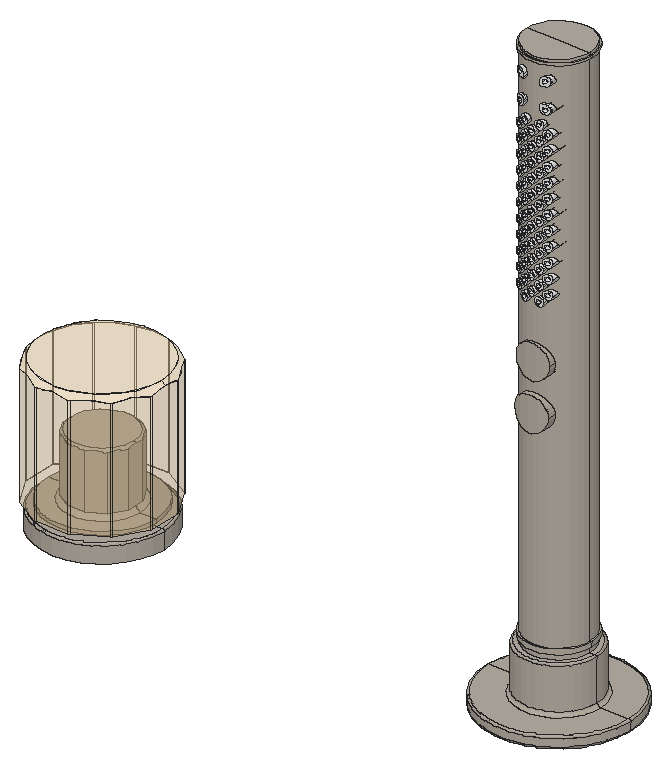
Revit family "Shower-Handshower_Kit-KOHLER-COMPOSED-K-73085T", category Plumbing Fixtures, host Face, Revit 2017 (continued)
Definition of nested family "K-73085T_Handle"
  Lines and regions (in)
    Masking region 1
      outline origin (0, 0, 0) x (1, 0, 0) y (0, 0, 1)
        loop
          arc (-1.05208, 0.31496) -> (-1.07372, 0.306) -> (-1.08268, 0.28437) r 0.03059
          line (-1.08268, 0.28437) -> (-1.08268, 0) -> (1.08268, 0)
    Masking region 2
      outline origin (0, 0, 0) x (1, 0, 0) y (0, 1, 0)
        loop
          line (0.27898, 1.10236) -> (-0.27898, 1.10236)
          arc (-0.27898, 1.10236) -> (-0.29471, 1.10029) -> (-0.30936, 1.09422) r 0.06078
          line (-0.30936, 1.09422) -> (-0.79328, 0.8149)
          arc (-0.79328, 0.8149) -> (-0.80551, 0.80551) -> (-0.8149, 0.79328) r 0.05906
          line (-0.8149, 0.79328) -> (-1.09445, 0.30908)
          arc (-1.09445, 0.30908) -> (-1.10035, 0.29484) -> (-1.10236, 0.27955) r 0.05906
          line (-1.10236, 0.27955) -> (-1.10236, -0.27955)
          arc (-1.10236, -0.27955) -> (-1.10035, -0.29484) -> (-1.09445, -0.30908) r 0.05906
          line (-1.09445, -0.30908) -> (-0.8149, -0.79328)
          arc (-0.8149, -0.79328) -> (-0.80551, -0.80551) -> (-0.79328, -0.8149) r 0.05906
          line (-0.79328, -0.8149) -> (-0.30936, -1.09422)
          arc (-0.30936, -1.09422) -> (-0.29471, -1.10029) -> (-0.27898, -1.10236) r 0.06078
          line (-0.27898, -1.10236) -> (0.27898, -1.10236)
          arc (0.27898, -1.10236) -> (0.29471, -1.10029) -> (0.30936, -1.09422) r 0.06078
          line (0.30936, -1.09422) -> (0.79328, -0.8149)
          arc (0.79328, -0.8149) -> (0.80551, -0.80551) -> (0.8149, -0.79328) r 0.05906
          line (0.8149, -0.79328) -> (1.09445, -0.30908)
          arc (1.09445, -0.30908) -> (1.10035, -0.29484) -> (1.10236, -0.27955) r 0.05906
          line (1.10236, -0.27955) -> (1.10236, 0.27955)
          arc (1.10236, 0.27955) -> (1.10035, 0.29484) -> (1.09445, 0.30908) r 0.05906
          line (1.09445, 0.30908) -> (0.8149, 0.79328)
          arc (0.8149, 0.79328) -> (0.80551, 0.80551) -> (0.79328, 0.8149) r 0.05906
          line (0.79328, 0.8149) -> (0.30936, 1.09422)
          arc (0.30936, 1.09422) -> (0.29471, 1.10029) -> (0.27898, 1.10236) r 0.06078
    Masking region 3
      outline origin (0, 0, 0) x (0, 1, 0) y (0, 0, 1)
        loop
          line (1.08268, 0) -> (1.08268, 0.28532)
          arc (1.08268, 0.28532) -> (1.07404, 0.30618) -> (1.05317, 0.31482) r 0.0295
          line (1.05317, 0.31482) -> (0.44589, 0.31482)
          arc (0.44589, 0.31482) -> (0.42298, 0.32151) -> (0.41305, 0.34322) r 0.0287
          line (0.41305, 0.34322) -> (0.41305, 0.37402) -> (0.94488, 0.37402) -> (0.94488, 0.43307) -> (1.10236, 0.43307) -> (1.10236, 2.57374) -> (1.03831, 2.6378) -> (-1.03831, 2.6378) -> (-1.10236, 2.57374) -> (-1.10236, 0.43307) -> (-0.94488, 0.43307) -> (-0.94488, 0.37402) -> (-0.41305, 0.37402) -> (-0.41305, 0.34322)
          arc (-0.41305, 0.34322) -> (-0.42298, 0.32151) -> (-0.44589, 0.31482) r 0.0287
          line (-0.44589, 0.31482) -> (-1.05317, 0.31482)
          arc (-1.05317, 0.31482) -> (-1.07404, 0.30618) -> (-1.08268, 0.28532) r 0.0295
          line (-1.08268, 0.28532) -> (-1.08268, 0) -> (1.08268, 0)
    symbolic lines, detail levels medium+fine
      curve 1: line (-0.94488, 0, 0.43307) -> (0.94488, 0, 0.43307)
      curve 2: line (-0.41305, 0, 0.37402) -> (0.41305, 0, 0.37402)
      curve 3: line (-0.44612, 0, 0.31496) -> (0.44612, 0, 0.31496)
      curve 4: line (-0.41305, 0, 0.34322) -> (0.41305, 0, 0.34322)
      curve 5: line (0, -0.94488, 0.43307) -> (0, 0.94488, 0.43307)
      curve 6: line (0, -0.41305, 0.37402) -> (0, 0.41305, 0.37402)
      curve 7: line (0, -0.41305, 0.34322) -> (0, 0.41305, 0.34322)
      curve 8: line (0, -0.44589, 0.31482) -> (0, 0.44589, 0.31482)
      curve 9: line (-0.8149, 0, 0.43307) -> (-0.8149, 0, 2.53885)
      curve 10: line (-0.30936, 0, 2.53899) -> (-0.30936, 0, 0.43307)
      curve 11: line (0.30936, 0, 2.53899) -> (0.30936, 0, 0.43307)
      curve 12: spline (-0.8149, 0, 2.53885) -> (-0.83849, 0, 2.54975) -> (-0.8623, 0, 2.55863) -> (-0.88627, 0, 2.56548) -> (-0.91037, 0, 2.57028) -> (-0.93455, 0, 2.57303) -> (-0.95876, 0, 2.57371) -> (-0.98297, 0, 2.57233) -> (-1.00713, 0, 2.56889) -> (-1.03119, 0, 2.5634) -> (-1.05511, 0, 2.55586) -> (-1.07885, 0, 2.54629) -> (-1.10236, 0, 2.53471)
      curve 13: spline (-0.30936, 0, 2.53899) -> (-0.34905, 0, 2.54959) -> (-0.38909, 0, 2.55828) -> (-0.42941, 0, 2.56506) -> (-0.46993, 0, 2.5699) -> (-0.5106, 0, 2.57281) -> (-0.55133, 0, 2.57377) -> (-0.59206, 0, 2.57279) -> (-0.63272, 0, 2.56986) -> (-0.67324, 0, 2.56499) -> (-0.71355, 0, 2.55819) -> (-0.75359, 0, 2.54947) -> (-0.79328, 0, 2.53885)
      curve 14: arc (0.27898, 0, 2.53899) -> (0, 0, 2.57374) -> (-0.27898, 0, 2.53899) r 1.13712
      curve 15: spline (0.79328, 0, 2.53885) -> (0.75359, 0, 2.54947) -> (0.71355, 0, 2.55819) -> (0.67324, 0, 2.56499) -> (0.63272, 0, 2.56986) -> (0.59206, 0, 2.57279) -> (0.55133, 0, 2.57377) -> (0.5106, 0, 2.57281) -> (0.46993, 0, 2.5699) -> (0.42941, 0, 2.56506) -> (0.38909, 0, 2.55828) -> (0.34905, 0, 2.54959) -> (0.30936, 0, 2.53899)
      curve 16: spline (1.09445, 0, 2.53885) -> (1.07152, 0, 2.54947) -> (1.04839, 0, 2.55819) -> (1.0251, 0, 2.56498) -> (1.0017, 0, 2.56985) -> (0.9782, 0, 2.57277) -> (0.95467, 0, 2.57374) -> (0.93114, 0, 2.57277) -> (0.90765, 0, 2.56985) -> (0.88424, 0, 2.56498) -> (0.86096, 0, 2.55819) -> (0.83783, 0, 2.54947) -> (0.8149, 0, 2.53885)
      curve 17: line (0.8149, 0, 2.53885) -> (0.8149, 0, 0.43307)
      curve 18: line (0.27898, 0, 2.53899) -> (0.27898, 0, 0.43307)
      curve 19: line (-0.27898, 0, 2.53899) -> (-0.27898, 0, 0.43307)
      curve 20: line (-0.79328, 0, 2.53885) -> (-0.79328, 0, 0.43307)
      curve 21: line (0.79328, 0, 2.53885) -> (0.79328, 0, 0.43307)
      curve 22: line (-1.10236, 0, 2.57374) -> (1.10236, 0, 2.57374)
      curve 23: line (0, -1.10236, 2.57374) -> (0, 1.10236, 2.57374)
      curve 24: spline (0, 1.10236, 2.53474) -> (0, 1.07818, 2.54662) -> (0, 1.05377, 2.55637) -> (0, 1.02916, 2.56397) -> (0, 1.00441, 2.56941) -> (0, 0.97957, 2.57268) -> (0, 0.95467, 2.57377) -> (0, 0.92978, 2.57268) -> (0, 0.90494, 2.56941) -> (0, 0.88019, 2.56396) -> (0, 0.85558, 2.55635) -> (0, 0.83116, 2.5466) -> (0, 0.80699, 2.53471)
      curve 25: spline (0, 0.79328, 2.53885) -> (0, 0.75357, 2.54947) -> (0, 0.71351, 2.55819) -> (0, 0.67317, 2.56498) -> (0, 0.63262, 2.56985) -> (0, 0.59194, 2.57277) -> (0, 0.55118, 2.57374) -> (0, 0.51042, 2.57277) -> (0, 0.46974, 2.56985) -> (0, 0.42919, 2.56498) -> (0, 0.38885, 2.55819) -> (0, 0.34879, 2.54947) -> (0, 0.30908, 2.53885)
      curve 26: spline (0, -0.30908, 2.53885) -> (0, -0.34879, 2.54947) -> (0, -0.38885, 2.55819) -> (0, -0.42919, 2.56498) -> (0, -0.46974, 2.56985) -> (0, -0.51042, 2.57277) -> (0, -0.55118, 2.57374) -> (0, -0.59194, 2.57277) -> (0, -0.63262, 2.56985) -> (0, -0.67317, 2.56498) -> (0, -0.71351, 2.55819) -> (0, -0.75357, 2.54947) -> (0, -0.79328, 2.53885)
      curve 27: spline (0, -0.80699, 2.53471) -> (0, -0.83116, 2.5466) -> (0, -0.85558, 2.55635) -> (0, -0.88019, 2.56396) -> (0, -0.90494, 2.56941) -> (0, -0.92978, 2.57268) -> (0, -0.95467, 2.57377) -> (0, -0.97957, 2.57268) -> (0, -1.00441, 2.56941) -> (0, -1.02916, 2.56397) -> (0, -1.05377, 2.55637) -> (0, -1.07818, 2.54662) -> (0, -1.10236, 2.53474)
      curve 28: line (0, 0.80699, 2.53471) -> (0, 0.80699, 0.43307)
      curve 29: line (0, 0.79328, 2.53885) -> (0, 0.79328, 0.43307)
      curve 30: line (0, 0.30908, 2.53885) -> (0, 0.30908, 0.43307)
      curve 31: line (0, 0.27955, 2.54051) -> (0, 0.27955, 0.43307)
      curve 32: line (0, -0.80699, 2.53471) -> (0, -0.80699, 0.43307)
      curve 33: line (0, -0.79328, 2.53885) -> (0, -0.79328, 0.43307)
      curve 34: line (0, -0.30908, 2.53885) -> (0, -0.30908, 0.43307)
      curve 35: line (0, -0.27955, 2.53885) -> (0, -0.27955, 0.43307)
      curve 36: arc (0, 0.27955, 2.54051) -> (0, -0.0001, 2.57374) -> (0, -0.27955, 2.53885) r 1.16422
      curve 37: circle (0, 0, 0) r 1.03831 normal (0, 0, 1)
      curve 38: circle (0, 0, 0) r 1.10236 normal (0, 0, 1)
  Dimensions and locks (in)
    aligned and locked: plane 2 to level
Types (3): name | Type | Product Page URL | Model | Handle Material | Finish
  (no name) | 1 | "https://www.kohler.com.cn/product/K-73085T-B9ACH-BV/K-73085T-B9ACH-BV/" | "K-73085T-B9ACH-BV" | Kohler-Glass-ACH-Amber_Gold_Glaze | Kohler-Metal-BV-Roman_Copper
  B9ACH,BV-Roman Copper | 1 | "https://www.kohler.com.cn/product/K-73085T-B9ACH-BV/K-73085T-B9ACH-BV/" | "K-73085T-B9ACH-BV" | Kohler-Glass-ACH-Amber_Gold_Glaze | Kohler-Metal-BV-Roman_Copper
  B9GCH,TT-Titanium Silver | 2 | "https://www.kohler.com.cn/product/K-73085T-B9GCH-TT/K-73085T-B9GCH-TT/" | "K-73085T-B9GCH-TT" | Kohler-Glass-GCH-Ink_Ash_Glass | Kohler-Metal-TT-Titanium_Silver
